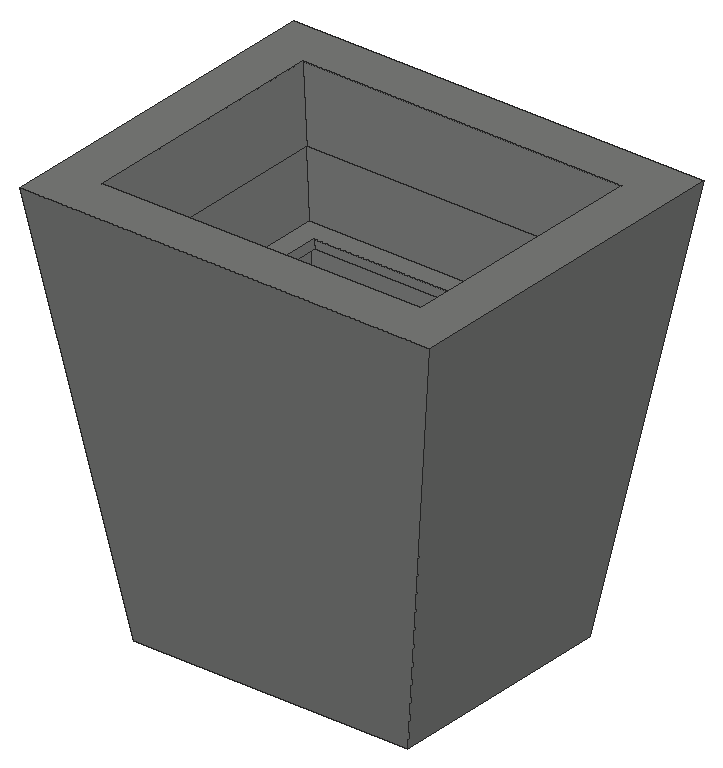
Revit family "Specialty_Equipment-Planter-Planters_Unlimited-Manhattan-Tapered-Square-Rectangular NEW", category Specialty Equipment, Revit 2023 (continued)
Automatic sketch dimensions
  Sweep 33 sketch curve to plane 13 "Left Bottom" = 0"
  Sweep 34 sketch curve to plane 14 "Right Bottom" = 0"
  Sweep 35 sketch curve to plane 13 "Left Bottom" = 0"
  Sweep 36 sketch curve to plane 14 "Right Bottom" = 0"
  plane 11 "Back Bottom" to Sweep 37 sketch curve = 0"
  plane 34 "Front Stiffener" to Sweep 38 sketch curve = 0"
  plane 4 "Back" to Sweep 39 sketch curve = 1.88337"
  Sweep 40 sketch curve to plane 5 "Front" = 0.18545"
  Sweep 41 sketch curve to plane 18 "Top Opening Front" = 0"
  Sweep 41 sketch curve to plane 17 "Top Opening Back" = 0"
  plane 18 "Top Opening Front" to Sweep 42 sketch curve = 0"
  plane 17 "Top Opening Back" to Sweep 42 sketch curve = 0"
  Sweep 43 sketch curve to plane 15 "Top Opening Left" = 0"
  Sweep 43 sketch curve to plane 16 "Top Opening Right" = 0"
  Sweep 44 sketch curve to plane 15 "Top Opening Left" = 0"
  Sweep 44 sketch curve to plane 16 "Top Opening Right" = 0"
  Extrusion 45 sketch curve to plane 2 "Bottom" = 0"
  Extrusion 45 sketch curve to plane 6 "Left" = 0"
  Extrusion 46 sketch curve to plane 2 "Bottom" = 0"
  plane 7 "Right" to Extrusion 46 sketch curve = 0"
  Extrusion 46 sketch curve to plane 14 "Right Bottom" = 0"
  Extrusion 46 sketch curve to plane 8 "Top" = 0"
  Extrusion 47 sketch curve to plane 2 "Bottom" = 0"
  Extrusion 47 sketch curve to plane 4 "Back" = 0"
  Extrusion 48 sketch curve to plane 2 "Bottom" = 0"
  Extrusion 48 sketch curve to plane 5 "Front" = 0"
